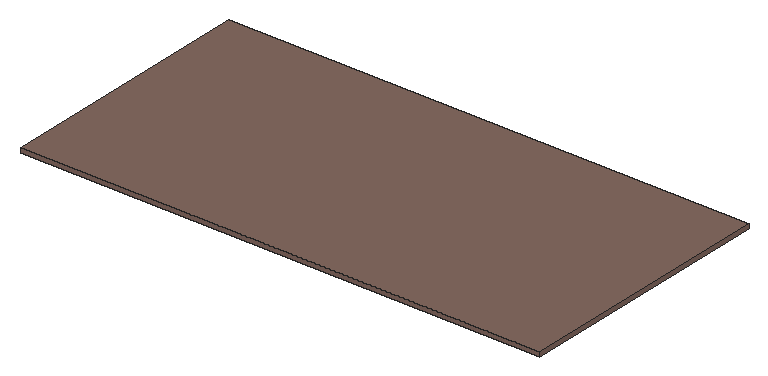
Revit family "PLYWOOD 1,25x2,5x0,021 BETO_1940166", category Generic Models, Revit 2018
Family settings
  Can host rebar = No
  Round Connector Dimension = Use Diameter
  Part Type = Normal
  OmniClass Number = 35.51.14.00
  OmniClass Title = FORMWORK
  Work Plane-Based = Yes
  Always vertical = No
  Cut with Voids When Loaded = No
  Shared = Yes
  Room Calculation Point = No
Parameters
  VERSION = "20190101"  # constant formula
  URL = "www.ulmaconstruction.com/en"
  UNICLASS = ""
  Manufacturer = "ULMA CONSTRUCTION"  # constant formula
  FILTER [instance] = ""
  Default Elevation = 0.000 mm
  CLASSIFICATION_TITLE = ""
  CLASSIFICATION_NUMBER = ""
  AREA [instance] = 3.125 m²
Reference planes
  plane 1 "Centro (Frontal/Posterior)": y = 0
  plane 2: z = 0
  plane 3 "Centro (Izquierda/Derecha)": x = 0
  plane 4 "ITEM_LENGTH": x = 2500
  plane 5 "ITEM_WIDTH": y = 1250
  plane 6 "ITEM_THICKNESS": z = 21
Forms (mm)
  Extrusion 1, solid, material "ULMA PLYWOOD"
    sketch origin (0, 0, 0) x (1, 0, 0) y (0, 1, 0)
      loop
        line (0, 0) -> (2500, 0) -> (2500, 1250) -> (0, 1250) -> (0, 0)
    from 0 to 21
Dimensions and locks
  plane 3 "Centro (Izquierda/Derecha)" to plane 4 "ITEM_LENGTH" = 2500.000 mm
  plane 1 "Centro (Frontal/Posterior)" to plane 5 "ITEM_WIDTH" = 1250.000 mm
  plane 6 "ITEM_THICKNESS" to plane 2 = 21.000 mm
  aligned and locked: level to plane 2
  aligned and locked: plane 6 "ITEM_THICKNESS" to Extrusion 1
